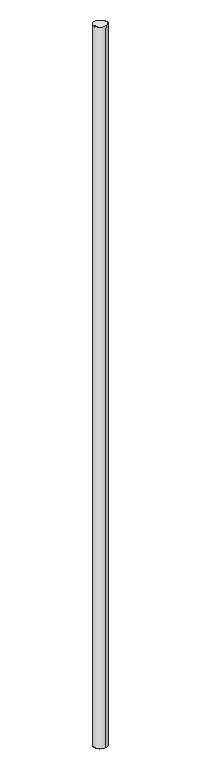
Revit family "EV_SPACER TUBE 32-36_9372798", category Generic Models, Revit 2018
Family settings
  Can host rebar = No
  Round Connector Dimension = Use Diameter
  Part Type = Normal
  OmniClass Number = 35.51.14.00
  OmniClass Title = FORMWORK
  Work Plane-Based = Yes
  Always vertical = No
  Cut with Voids When Loaded = No
  Shared = Yes
  Room Calculation Point = No
Parameters
  VERSION = "20170217"  # constant formula
  URL = "www.ulmaconstruction.com/en"
  UNICLASS = ""
  Manufacturer = "ULMA CONSTRUCTION"  # constant formula
  LENGTH [instance] = 2000.000 mm
  ITEM_LENGTH [instance] = if(LENGTH < 25.000 mm, 25.000 mm, if(LENGTH < 2000.000 mm, LENGTH, 2000.000 mm))  # 2000.000 mm
  ITEM_GENERIC = "1"
  ITEM_CODE = "9372798"
  FILTER [instance] = ""
  Default Elevation = 0.000 mm
  CLASSIFICATION_TITLE = ""
  CLASSIFICATION_NUMBER = ""
Reference planes
  plane 1 "Centro (Frontal/Posterior)": y = 0
  plane 2: z = 0
  plane 3 "Centro (Izquierda/Derecha)": x = 0
  plane 4 "ITEM_LENGTH": z = 2000
  plane 5 "LENGTH": z = 2000
Forms (mm)
  Extrusion 1, solid, material "ULMA PLASTIC", detail levels medium+fine
    sketch origin (0, 0, 0) x (1, 0, 0) y (0, 1, 0)
      loop
        circle (0, 0) r 18
    from 0 to 2000
Lines and regions (mm)
  model lines, style "ULMA CONSUMABLES", detail levels medium+fine
    curve 1: circle (0, 0, 0) r 16 normal (0, 0, 1)
    curve 2: circle (0, 0, 2000) r 16 normal (0, 0, 1)
Dimensions and locks
  "ITEM_LENGTH": plane 4 "ITEM_LENGTH" to plane 2
  "LENGTH": plane 5 "LENGTH" to plane 2
  aligned and locked: level to plane 2
  aligned and locked: plane 4 "ITEM_LENGTH" to Extrusion 1
Automatic sketch dimensions
  plane 1 "Centro (Frontal/Posterior)" to curve 1 = 0.000 mm
  curve 1 to plane 3 "Centro (Izquierda/Derecha)" = 0.000 mm
  plane 1 "Centro (Frontal/Posterior)" to Extrusion 1 sketch curve = 0.000 mm
  Extrusion 1 sketch curve to plane 3 "Centro (Izquierda/Derecha)" = 0.000 mm
  radius of curve 1 = 16.000 mm
  radius of Extrusion 1 sketch curve = 18.000 mm
  radius of curve 2 to Extrusion 1 = 2.000 mm
